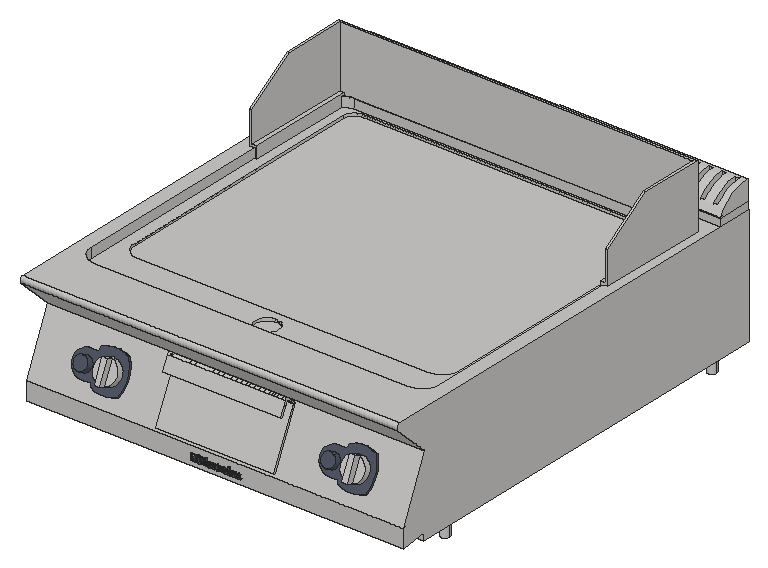
Revit family "QF_ELECTROLUXPROFESSIONAL_391590_E9IINTAOMEI", category Attrezzature speciali, Revit 2018 (continued)
Automatic sketch dimensions
  plane 1 "BACK" to Extrusion 35 sketch curve = 6.761 mm
  Extrusion 35 sketch curve to plane 4 "RIGHT" = 106.689 mm
  Extrusion 35 sketch curve to Extrusion 35 sketch curve = 9.296 mm
  Extrusion 35 sketch curve to plane 11 = 19.089 mm
  plane 1 "BACK" to Extrusion 36 sketch curve = 6.761 mm
  Extrusion 36 sketch curve to plane 4 "RIGHT" = 134.677 mm
  Extrusion 36 sketch curve to Extrusion 36 sketch curve = 9.296 mm
  Extrusion 36 sketch curve to plane 11 = 19.089 mm
  plane 1 "BACK" to Extrusion 37 sketch curve = 6.761 mm
  Extrusion 37 sketch curve to plane 4 "RIGHT" = 162.665 mm
  Extrusion 37 sketch curve to Extrusion 37 sketch curve = 9.296 mm
  Extrusion 37 sketch curve to plane 11 = 19.089 mm
  plane 1 "BACK" to Extrusion 38 sketch curve = 6.761 mm
  Extrusion 38 sketch curve to plane 4 "RIGHT" = 190.654 mm
  Extrusion 38 sketch curve to Extrusion 38 sketch curve = 9.296 mm
  Extrusion 38 sketch curve to plane 11 = 19.089 mm
  plane 1 "BACK" to Extrusion 39 sketch curve = 6.761 mm
  plane 7 "Center Y" to Extrusion 39 sketch curve = 69.43 mm
  Extrusion 39 sketch curve to Extrusion 39 sketch curve = 9.296 mm
  Extrusion 39 sketch curve to plane 11 = 19.089 mm
  plane 1 "BACK" to Extrusion 40 sketch curve = 6.761 mm
  plane 7 "Center Y" to Extrusion 40 sketch curve = 41.441 mm
  Extrusion 40 sketch curve to Extrusion 40 sketch curve = 9.296 mm
  Extrusion 40 sketch curve to plane 11 = 19.089 mm
  plane 1 "BACK" to Extrusion 41 sketch curve = 6.761 mm
  plane 7 "Center Y" to Extrusion 41 sketch curve = 149.263 mm
  Extrusion 41 sketch curve to Extrusion 41 sketch curve = 9.296 mm
  Extrusion 41 sketch curve to plane 11 = 19.089 mm
  plane 1 "BACK" to Extrusion 42 sketch curve = 6.761 mm
  plane 7 "Center Y" to Extrusion 42 sketch curve = 121.275 mm
  Extrusion 42 sketch curve to Extrusion 42 sketch curve = 9.296 mm
  Extrusion 42 sketch curve to plane 11 = 19.089 mm
  plane 1 "BACK" to Extrusion 43 sketch curve = 6.761 mm
  plane 7 "Center Y" to Extrusion 43 sketch curve = 93.311 mm
  Extrusion 43 sketch curve to Extrusion 43 sketch curve = 9.296 mm
  Extrusion 43 sketch curve to plane 11 = 19.089 mm
  plane 1 "BACK" to Extrusion 44 sketch curve = 6.761 mm
  plane 7 "Center Y" to Extrusion 44 sketch curve = 177.251 mm
  Extrusion 44 sketch curve to Extrusion 44 sketch curve = 9.296 mm
  Extrusion 44 sketch curve to plane 11 = 19.089 mm
  Split face 1 sketch curve to Split face 1 sketch curve = 11.575 mm
  Split face 1 sketch curve to Split face 1 sketch curve = 2 mm
  Extrusion 6 sketch curve to Extrusion 6 sketch curve = 0 mm  (x2)
  Extrusion 6 sketch curve to plane 5 "FRONT" = 16.526 mm
  Extrusion 6 sketch curve to Extrusion 6 sketch curve = 2.36 mm
  Extrusion 6 sketch curve to plane 5 "FRONT" = 33.929 mm
  Extrusion 6 sketch curve to Extrusion 6 sketch curve = 2.884 mm  (x2)
  Extrusion 6 sketch curve to Extrusion 6 sketch curve = 12.662 mm
  Extrusion 6 sketch curve to Extrusion 6 sketch curve = 1.711 mm
  Extrusion 6 sketch curve to Extrusion 6 sketch curve = 1.332 mm
  Extrusion 6 sketch curve to Extrusion 6 sketch curve = 2.245 mm
  Extrusion 6 sketch curve to Extrusion 6 sketch curve = 14.843 mm
  Extrusion 6 sketch curve to Extrusion 6 sketch curve = 3.49 mm
  plane 9 "BASE" to Extrusion 6 sketch curve = 52.346 mm
  Extrusion 6 sketch curve to Extrusion 6 sketch curve = 1.086 mm
  Extrusion 6 sketch curve to Extrusion 6 sketch curve = 13.211 mm
  Extrusion 6 sketch curve to Extrusion 6 sketch curve = 1.327 mm
  Extrusion 6 sketch curve to Extrusion 6 sketch curve = 0.787 mm
  Extrusion 5 sketch curve to Extrusion 2 = 5.523 mm
  Extrusion 5 sketch curve to Extrusion 2 = 10.564 mm
  Extrusion 5 sketch curve to Extrusion 2 = 10.583 mm
  Extrusion 5 sketch curve to Extrusion 5 sketch curve = 0 mm  (x28)
  Extrusion 5 sketch curve to Extrusion 5 sketch curve = 5.108 mm  (x2)
  Extrusion 5 sketch curve to Extrusion 2 = 10.685 mm
  Extrusion 5 sketch curve to Extrusion 5 sketch curve = 0.218 mm
  Extrusion 5 sketch curve to Extrusion 5 sketch curve = 0.195 mm
  Extrusion 5 sketch curve to Extrusion 5 sketch curve = 0.249 mm
  Extrusion 5 sketch curve to Extrusion 2 = 10.88 mm
  Extrusion 5 sketch curve to Extrusion 5 sketch curve = 0.087 mm
  Extrusion 5 sketch curve to Extrusion 5 sketch curve = 0.358 mm
  Extrusion 5 sketch curve to Extrusion 5 sketch curve = 0.481 mm
  Extrusion 5 sketch curve to Extrusion 5 sketch curve = 0.597 mm
  Extrusion 5 sketch curve to Extrusion 5 sketch curve = 0.544 mm
  Extrusion 5 sketch curve to Extrusion 5 sketch curve = 0.936 mm
  Extrusion 5 sketch curve to Extrusion 5 sketch curve = 0.594 mm
  Extrusion 5 sketch curve to Extrusion 5 sketch curve = 0.343 mm
  Extrusion 5 sketch curve to Extrusion 5 sketch curve = 0.159 mm
  Extrusion 5 sketch curve to Extrusion 5 sketch curve = 0.826 mm
  Extrusion 5 sketch curve to Extrusion 5 sketch curve = 0.839 mm
  Extrusion 5 sketch curve to Extrusion 5 sketch curve = 0.852 mm
  Extrusion 5 sketch curve to Extrusion 5 sketch curve = 0.887 mm
  Extrusion 5 sketch curve to Extrusion 5 sketch curve = 0.928 mm
  Extrusion 5 sketch curve to Extrusion 5 sketch curve = 0.938 mm
  Extrusion 5 sketch curve to Extrusion 5 sketch curve = 0.444 mm
  Extrusion 5 sketch curve to Extrusion 5 sketch curve = 1.11 mm  (x3)
  Extrusion 5 sketch curve to Extrusion 5 sketch curve = 0.215 mm
  Extrusion 5 sketch curve to Extrusion 5 sketch curve = 1.43 mm
  Extrusion 5 sketch curve to Extrusion 5 sketch curve = 1.188 mm
  Extrusion 5 sketch curve to Extrusion 5 sketch curve = 1.21 mm  (x2)
  Extrusion 5 sketch curve to Extrusion 5 sketch curve = 0.503 mm
  Extrusion 5 sketch curve to Extrusion 5 sketch curve = 0.488 mm
  Extrusion 5 sketch curve to Extrusion 5 sketch curve = 0.462 mm
  Extrusion 5 sketch curve to Extrusion 5 sketch curve = 1.386 mm
  Extrusion 5 sketch curve to Extrusion 5 sketch curve = 1.742 mm  (x2)
  Extrusion 5 sketch curve to Extrusion 5 sketch curve = 0.821 mm
  Extrusion 5 sketch curve to Extrusion 5 sketch curve = 0.497 mm
  Extrusion 5 sketch curve to Extrusion 5 sketch curve = 0.539 mm
  Extrusion 5 sketch curve to Extrusion 5 sketch curve = 0.686 mm
  Extrusion 5 sketch curve to Extrusion 5 sketch curve = 0.408 mm
  Extrusion 5 sketch curve to Extrusion 5 sketch curve = 0.743 mm
  Extrusion 5 sketch curve to Extrusion 5 sketch curve = 1.16 mm
  Extrusion 5 sketch curve to Extrusion 5 sketch curve = 0.329 mm
  Extrusion 5 sketch curve to Extrusion 5 sketch curve = 1.054 mm
  Extrusion 5 sketch curve to Extrusion 5 sketch curve = 1.056 mm
  Extrusion 5 sketch curve to Extrusion 5 sketch curve = 0.129 mm
  Extrusion 5 sketch curve to Extrusion 5 sketch curve = 0.489 mm
  Extrusion 5 sketch curve to Extrusion 5 sketch curve = 0.441 mm
  Extrusion 5 sketch curve to Extrusion 5 sketch curve = 1.151 mm
  Extrusion 5 sketch curve to Extrusion 5 sketch curve = 1.141 mm  (x2)
  Extrusion 5 sketch curve to Extrusion 5 sketch curve = 0.768 mm
  Extrusion 5 sketch curve to Extrusion 5 sketch curve = 1.653 mm
  Extrusion 5 sketch curve to Extrusion 5 sketch curve = 0.499 mm
  Extrusion 5 sketch curve to Extrusion 5 sketch curve = 0.964 mm
  Extrusion 5 sketch curve to Extrusion 5 sketch curve = 0.949 mm
  Extrusion 5 sketch curve to Extrusion 5 sketch curve = 1.345 mm  (x3)
  Extrusion 5 sketch curve to Extrusion 5 sketch curve = 1.101 mm
  Extrusion 5 sketch curve to Extrusion 5 sketch curve = 0.432 mm
  Extrusion 5 sketch curve to Extrusion 5 sketch curve = 1.142 mm
  Extrusion 5 sketch curve to Extrusion 5 sketch curve = 0.959 mm
  Extrusion 5 sketch curve to Extrusion 5 sketch curve = 0.176 mm
  Extrusion 5 sketch curve to Extrusion 5 sketch curve = 0.728 mm
  Extrusion 5 sketch curve to Extrusion 5 sketch curve = 3.375 mm  (x2)
  Extrusion 5 sketch curve to Extrusion 5 sketch curve = 1.905 mm
  Extrusion 5 sketch curve to Extrusion 5 sketch curve = 0.955 mm
  Extrusion 5 sketch curve to Extrusion 5 sketch curve = 1.251 mm
  Extrusion 5 sketch curve to Extrusion 5 sketch curve = 0.572 mm
  Extrusion 5 sketch curve to Extrusion 5 sketch curve = 1.92 mm
  Extrusion 5 sketch curve to Extrusion 5 sketch curve = 1.224 mm
  Extrusion 5 sketch curve to Extrusion 5 sketch curve = 0.745 mm
  Extrusion 5 sketch curve to Extrusion 5 sketch curve = 2.537 mm
  Extrusion 5 sketch curve to Extrusion 5 sketch curve = 0.896 mm  (x3)
  Extrusion 5 sketch curve to Extrusion 5 sketch curve = 0.036 mm
  Extrusion 5 sketch curve to Extrusion 5 sketch curve = 2.607 mm
  Extrusion 5 sketch curve to Extrusion 5 sketch curve = 0.066 mm
  Extrusion 5 sketch curve to Extrusion 5 sketch curve = 0.248 mm
  Extrusion 5 sketch curve to Extrusion 5 sketch curve = 0.449 mm
  Extrusion 5 sketch curve to Extrusion 5 sketch curve = 1.052 mm
  Extrusion 5 sketch curve to Extrusion 5 sketch curve = 1.863 mm
  Extrusion 5 sketch curve to Extrusion 5 sketch curve = 1.31 mm  (x2)
  Extrusion 5 sketch curve to Extrusion 5 sketch curve = 0.901 mm
  Extrusion 5 sketch curve to Extrusion 5 sketch curve = 1.107 mm
  Extrusion 5 sketch curve to Extrusion 5 sketch curve = 2.122 mm
  Extrusion 5 sketch curve to Extrusion 5 sketch curve = 2.101 mm
  Extrusion 5 sketch curve to Extrusion 5 sketch curve = 0.106 mm
  Extrusion 5 sketch curve to Extrusion 5 sketch curve = 0.029 mm
  Extrusion 5 sketch curve to Extrusion 5 sketch curve = 2.09 mm
  Extrusion 5 sketch curve to Extrusion 5 sketch curve = 1.279 mm
  Extrusion 5 sketch curve to Extrusion 5 sketch curve = 2.008 mm
  Extrusion 5 sketch curve to Extrusion 5 sketch curve = 0.738 mm
  Extrusion 5 sketch curve to Extrusion 5 sketch curve = 0.382 mm
  Extrusion 5 sketch curve to Extrusion 5 sketch curve = 0.384 mm
  Extrusion 5 sketch curve to Extrusion 5 sketch curve = 0.002 mm
  Extrusion 5 sketch curve to Extrusion 5 sketch curve = 0.561 mm
  Extrusion 5 sketch curve to Extrusion 5 sketch curve = 0.592 mm
  Extrusion 5 sketch curve to Extrusion 5 sketch curve = 2.692 mm
  Extrusion 5 sketch curve to Extrusion 5 sketch curve = 1.259 mm
  Extrusion 5 sketch curve to Extrusion 5 sketch curve = 0.802 mm
  Extrusion 5 sketch curve to Extrusion 5 sketch curve = 1.024 mm  (x2)
  Extrusion 5 sketch curve to Extrusion 5 sketch curve = 0.682 mm
  Extrusion 5 sketch curve to Extrusion 5 sketch curve = 5.934 mm
  Extrusion 5 sketch curve to Extrusion 5 sketch curve = 2.186 mm
  Extrusion 5 sketch curve to Extrusion 5 sketch curve = 0.337 mm
  Extrusion 5 sketch curve to Extrusion 5 sketch curve = 0.021 mm
  Extrusion 5 sketch curve to Extrusion 5 sketch curve = 1.005 mm
  Extrusion 5 sketch curve to Extrusion 5 sketch curve = 0.552 mm
  Extrusion 5 sketch curve to Extrusion 5 sketch curve = 0.778 mm
  Extrusion 5 sketch curve to Extrusion 5 sketch curve = 0.063 mm
  Extrusion 5 sketch curve to Extrusion 5 sketch curve = 1.023 mm
  Extrusion 5 sketch curve to Extrusion 5 sketch curve = 3.804 mm
  Extrusion 5 sketch curve to Extrusion 5 sketch curve = 0.486 mm
  Extrusion 5 sketch curve to Extrusion 5 sketch curve = 0.266 mm
  Extrusion 5 sketch curve to Extrusion 5 sketch curve = 1.547 mm
  Extrusion 5 sketch curve to Extrusion 5 sketch curve = 0.717 mm  (x2)
  Extrusion 5 sketch curve to Extrusion 5 sketch curve = 1.667 mm
  Extrusion 5 sketch curve to Extrusion 5 sketch curve = 3.174 mm
  Extrusion 5 sketch curve to Extrusion 5 sketch curve = 0.388 mm
  Extrusion 5 sketch curve to Extrusion 5 sketch curve = 1.342 mm
  Extrusion 5 sketch curve to Extrusion 5 sketch curve = 1.521 mm
  Extrusion 5 sketch curve to Extrusion 5 sketch curve = 0.124 mm
  Extrusion 5 sketch curve to Extrusion 5 sketch curve = 0.291 mm
  Extrusion 5 sketch curve to Extrusion 5 sketch curve = 1.049 mm  (x2)
  Extrusion 5 sketch curve to Extrusion 5 sketch curve = 1.7 mm
  Extrusion 5 sketch curve to Extrusion 5 sketch curve = 0.894 mm
  Extrusion 5 sketch curve to Extrusion 5 sketch curve = 0.989 mm
  Extrusion 5 sketch curve to Extrusion 5 sketch curve = 1.168 mm
  Extrusion 5 sketch curve to Extrusion 5 sketch curve = 1.594 mm
  Extrusion 5 sketch curve to Extrusion 5 sketch curve = 0.731 mm
  Extrusion 5 sketch curve to Extrusion 5 sketch curve = 1.566 mm
  Extrusion 5 sketch curve to Extrusion 5 sketch curve = 0.064 mm
  Extrusion 5 sketch curve to Extrusion 5 sketch curve = 0.556 mm  (x2)
  Extrusion 5 sketch curve to Extrusion 5 sketch curve = 0.48 mm
  Extrusion 5 sketch curve to Extrusion 5 sketch curve = 1.018 mm
  Extrusion 5 sketch curve to Extrusion 5 sketch curve = 0.787 mm
  Extrusion 5 sketch curve to Extrusion 5 sketch curve = 0.618 mm
  Extrusion 5 sketch curve to Extrusion 5 sketch curve = 1.672 mm
  Extrusion 5 sketch curve to Extrusion 5 sketch curve = 1.361 mm
  Extrusion 5 sketch curve to Extrusion 5 sketch curve = 0.822 mm
  Extrusion 5 sketch curve to Extrusion 5 sketch curve = 0.069 mm
  Extrusion 5 sketch curve to Extrusion 5 sketch curve = 1.88 mm
  Extrusion 5 sketch curve to Extrusion 5 sketch curve = 0.42 mm
  Extrusion 5 sketch curve to Extrusion 5 sketch curve = 0.062 mm
  Extrusion 5 sketch curve to Extrusion 5 sketch curve = 1.355 mm
  Extrusion 5 sketch curve to Extrusion 5 sketch curve = 2.34 mm
  Extrusion 5 sketch curve to Extrusion 5 sketch curve = 0.493 mm
  Extrusion 5 sketch curve to Extrusion 5 sketch curve = 0.136 mm
  Extrusion 5 sketch curve to Extrusion 5 sketch curve = 0.128 mm
  Extrusion 5 sketch curve to Extrusion 5 sketch curve = 3.616 mm
  Extrusion 5 sketch curve to Extrusion 5 sketch curve = 4.207 mm
  Extrusion 5 sketch curve to Extrusion 5 sketch curve = 0.183 mm
  Extrusion 5 sketch curve to Extrusion 5 sketch curve = 0.895 mm
  Extrusion 5 sketch curve to Extrusion 5 sketch curve = 1.314 mm
  Extrusion 5 sketch curve to Extrusion 5 sketch curve = 3.231 mm
  Extrusion 5 sketch curve to Extrusion 5 sketch curve = 1.299 mm
  Extrusion 5 sketch curve to Extrusion 5 sketch curve = 1.214 mm
  Extrusion 5 sketch curve to Extrusion 5 sketch curve = 1.264 mm
  Extrusion 5 sketch curve to Extrusion 5 sketch curve = 0.109 mm
  Extrusion 5 sketch curve to Extrusion 5 sketch curve = 0.357 mm
  Extrusion 5 sketch curve to Extrusion 5 sketch curve = 0.565 mm
  Extrusion 5 sketch curve to Extrusion 5 sketch curve = 2.504 mm
  Extrusion 5 sketch curve to Extrusion 5 sketch curve = 2.459 mm
  Extrusion 2 to Extrusion 5 sketch curve = 344.257 mm
  Extrusion 5 sketch curve to Extrusion 5 sketch curve = 0.208 mm
  Extrusion 5 sketch curve to Extrusion 5 sketch curve = 0.468 mm  (x2)
  Extrusion 5 sketch curve to Extrusion 5 sketch curve = 1.559 mm
  Extrusion 5 sketch curve to Extrusion 5 sketch curve = 0.422 mm  (x2)
  Extrusion 5 sketch curve to Extrusion 5 sketch curve = 0.494 mm
  Extrusion 5 sketch curve to Extrusion 5 sketch curve = 3.927 mm
  Extrusion 5 sketch curve to Extrusion 5 sketch curve = 0.782 mm
  Extrusion 5 sketch curve to Extrusion 5 sketch curve = 1.268 mm
  Extrusion 5 sketch curve to Extrusion 5 sketch curve = 0.671 mm
  Extrusion 5 sketch curve to Extrusion 5 sketch curve = 0.777 mm
  Extrusion 5 sketch curve to Extrusion 5 sketch curve = 0.704 mm
  Extrusion 5 sketch curve to Extrusion 5 sketch curve = 0.781 mm  (x2)
  Extrusion 5 sketch curve to Extrusion 5 sketch curve = 1.634 mm
  Extrusion 5 sketch curve to Extrusion 5 sketch curve = 0.132 mm
  Extrusion 5 sketch curve to Extrusion 5 sketch curve = 3.136 mm
  Extrusion 5 sketch curve to Extrusion 5 sketch curve = 2.422 mm
  Extrusion 5 sketch curve to Extrusion 5 sketch curve = 0.586 mm
  Extrusion 5 sketch curve to Extrusion 5 sketch curve = 2.046 mm  (x2)
  Extrusion 5 sketch curve to Extrusion 5 sketch curve = 1.241 mm
  Extrusion 5 sketch curve to Extrusion 5 sketch curve = 1.689 mm
  Extrusion 5 sketch curve to Extrusion 5 sketch curve = 2.859 mm
  Extrusion 5 sketch curve to Extrusion 5 sketch curve = 0.627 mm
  Extrusion 5 sketch curve to Extrusion 5 sketch curve = 0.863 mm
  Extrusion 5 sketch curve to Extrusion 5 sketch curve = 0.419 mm
  Extrusion 5 sketch curve to Extrusion 5 sketch curve = 1.514 mm
  Extrusion 5 sketch curve to Extrusion 5 sketch curve = 1.019 mm
  Extrusion 5 sketch curve to Extrusion 5 sketch curve = 0.065 mm
  Extrusion 5 sketch curve to Extrusion 5 sketch curve = 1.215 mm
  Extrusion 5 sketch curve to Extrusion 5 sketch curve = 2.708 mm
  Extrusion 5 sketch curve to Extrusion 5 sketch curve = 1.122 mm
  Extrusion 5 sketch curve to Extrusion 5 sketch curve = 1.153 mm
  Extrusion 5 sketch curve to Extrusion 5 sketch curve = 3.009 mm
  Extrusion 5 sketch curve to Extrusion 5 sketch curve = 0.829 mm  (x2)
  Extrusion 5 sketch curve to Extrusion 5 sketch curve = 0.934 mm
  Extrusion 5 sketch curve to Extrusion 5 sketch curve = 3.376 mm
  Extrusion 5 sketch curve to Extrusion 5 sketch curve = 0.222 mm
  Extrusion 5 sketch curve to Extrusion 5 sketch curve = 1.383 mm
  Extrusion 5 sketch curve to Extrusion 5 sketch curve = 1.556 mm
  Extrusion 5 sketch curve to Extrusion 5 sketch curve = 2.559 mm
  Extrusion 5 sketch curve to Extrusion 5 sketch curve = 2.51 mm
  Extrusion 5 sketch curve to Extrusion 5 sketch curve = 0.131 mm
  Extrusion 5 sketch curve to Extrusion 5 sketch curve = 1.717 mm
  Extrusion 5 sketch curve to Extrusion 5 sketch curve = 1.134 mm
  Extrusion 5 sketch curve to Extrusion 5 sketch curve = 0.366 mm
  Extrusion 5 sketch curve to Extrusion 5 sketch curve = 0.094 mm
  Extrusion 5 sketch curve to Extrusion 5 sketch curve = 1.584 mm
  Extrusion 5 sketch curve to Extrusion 5 sketch curve = 1.501 mm
  Extrusion 5 sketch curve to Extrusion 5 sketch curve = 0.27 mm
  Extrusion 5 sketch curve to Extrusion 5 sketch curve = 1.808 mm
  Extrusion 5 sketch curve to Extrusion 5 sketch curve = 0.643 mm
  Extrusion 5 sketch curve to Extrusion 5 sketch curve = 0.916 mm
  Extrusion 5 sketch curve to Extrusion 5 sketch curve = 0.352 mm
  Extrusion 5 sketch curve to Extrusion 5 sketch curve = 0.458 mm
  Extrusion 5 sketch curve to Extrusion 5 sketch curve = 1.282 mm
  Extrusion 5 sketch curve to Extrusion 5 sketch curve = 1.363 mm
  Extrusion 5 sketch curve to Extrusion 5 sketch curve = 0.685 mm
  Extrusion 5 sketch curve to Extrusion 5 sketch curve = 0.905 mm
  Extrusion 5 sketch curve to Extrusion 5 sketch curve = 2.865 mm
  Extrusion 5 sketch curve to Extrusion 5 sketch curve = 0.472 mm
  Extrusion 5 sketch curve to Extrusion 5 sketch curve = 0.101 mm
  Extrusion 5 sketch curve to Extrusion 5 sketch curve = 0.54 mm
  Extrusion 5 sketch curve to Extrusion 5 sketch curve = 0.02 mm
  Extrusion 5 sketch curve to Extrusion 5 sketch curve = 0.582 mm
  Extrusion 5 sketch curve to Extrusion 5 sketch curve = 0.166 mm
  Extrusion 5 sketch curve to Extrusion 5 sketch curve = 0.16 mm
  Extrusion 5 sketch curve to Extrusion 5 sketch curve = 2.781 mm
  Extrusion 5 sketch curve to Extrusion 5 sketch curve = 1.118 mm
  Extrusion 5 sketch curve to Extrusion 5 sketch curve = 0.613 mm
  Extrusion 5 sketch curve to Extrusion 5 sketch curve = 0.361 mm
  Extrusion 5 sketch curve to Extrusion 5 sketch curve = 0.897 mm
  Extrusion 5 sketch curve to Extrusion 5 sketch curve = 0.167 mm
  Extrusion 5 sketch curve to Extrusion 5 sketch curve = 0.292 mm
  Extrusion 5 sketch curve to Extrusion 5 sketch curve = 0.305 mm
  Extrusion 5 sketch curve to Extrusion 5 sketch curve = 1.557 mm
  Extrusion 5 sketch curve to Extrusion 5 sketch curve = 2.499 mm
  Extrusion 5 sketch curve to Extrusion 5 sketch curve = 3.062 mm
  Extrusion 5 sketch curve to Extrusion 5 sketch curve = 2.968 mm
  Extrusion 5 sketch curve to Extrusion 5 sketch curve = 5.044 mm
  Extrusion 5 sketch curve to Extrusion 5 sketch curve = 0.629 mm  (x2)
  Extrusion 5 sketch curve to Extrusion 5 sketch curve = 1.131 mm
  Extrusion 5 sketch curve to Extrusion 5 sketch curve = 0.137 mm
  Extrusion 5 sketch curve to Extrusion 5 sketch curve = 0.027 mm
  Extrusion 5 sketch curve to Extrusion 5 sketch curve = 2.235 mm
  Extrusion 6 sketch curve to Extrusion 6 sketch curve = 1 mm
  Extrusion 26 sketch curve to plane 6 "TOP" = 0 mm
  Extrusion 26 sketch curve to plane 16 = 0 mm
  Extrusion 26 sketch curve to plane 16 = 100.091 mm
  Extrusion 27 sketch curve to plane 6 "TOP" = 0 mm
  Extrusion 27 sketch curve to plane 16 = 0 mm
  Extrusion 27 sketch curve to plane 6 "TOP" = 65 mm
  Extrusion 27 sketch curve to plane 16 = 100.091 mm
  Extrusion 28 sketch curve to plane 6 "TOP" = 0 mm
  Extrusion 28 sketch curve to plane 14 = 0 mm
  Extrusion 28 sketch curve to plane 4 "RIGHT" = 20 mm
  plane 3 "LEFT" to Extrusion 28 sketch curve = 20 mm
  Extrusion 49 sketch curve to Extrusion 2 = 0 mm  (x2)
  Extrusion 2 to Extrusion 49 sketch curve = 5 mm  (x2)
  Extrusion 2 to Extrusion 49 sketch curve = 20 mm  (x2)
  Extrusion 49 sketch curve to Extrusion 49 sketch curve = 130 mm  (x2)
  Extrusion 49 sketch curve to Extrusion 2 = 19.6 mm  (x2)
  Extrusion 49 sketch curve to Extrusion 49 sketch curve = 5 mm  (x5)
  Extrusion 49 sketch curve to Extrusion 49 sketch curve = 15 mm
  Extrusion 45 sketch curve to Extrusion 45 sketch curve = 0 mm  (x10)
  Extrusion 45 sketch curve to plane 4 "RIGHT" = 157.362 mm
  plane 3 "LEFT" to Extrusion 45 sketch curve = 117.638 mm
  Extrusion 45 sketch curve to Extrusion 45 sketch curve = 55.325 mm  (x3)
  Extrusion 45 sketch curve to Extrusion 45 sketch curve = 6.176 mm  (x2)
  Extrusion 45 sketch curve to Extrusion 45 sketch curve = 0.9 mm  (x2)
  Extrusion 45 sketch curve to Extrusion 45 sketch curve = 12.3 mm  (x4)
  Extrusion 45 sketch curve to Extrusion 45 sketch curve = 26.552 mm  (x2)
  Extrusion 45 sketch curve to Extrusion 45 sketch curve = 34.925 mm  (x2)
  Extrusion 45 sketch curve to Extrusion 45 sketch curve = 1.296 mm  (x2)
  Extrusion 45 sketch curve to Extrusion 45 sketch curve = 23.703 mm  (x2)
  Extrusion 45 sketch curve to Extrusion 45 sketch curve = 27.065 mm  (x2)
  Extrusion 45 sketch curve to Extrusion 45 sketch curve = 0.893 mm  (x2)
  Extrusion 45 sketch curve to Extrusion 45 sketch curve = 8.853 mm  (x2)
  Extrusion 45 sketch curve to Extrusion 45 sketch curve = 9.34 mm  (x2)
  Extrusion 45 sketch curve to Extrusion 45 sketch curve = 5.546 mm
  Extrusion 45 sketch curve to Extrusion 45 sketch curve = 1.434 mm
  Extrusion 45 sketch curve to Extrusion 45 sketch curve = 2.327 mm
  Extrusion 45 sketch curve to Extrusion 45 sketch curve = 29.032 mm
  Extrusion 45 sketch curve to Extrusion 45 sketch curve = 93.311 mm
  Extrusion 45 sketch curve to Extrusion 45 sketch curve = 25.114 mm
  Extrusion 45 sketch curve to Extrusion 45 sketch curve = 25.727 mm
  Extrusion 45 sketch curve to Extrusion 45 sketch curve = 28.496 mm
  Extrusion 48 sketch curve to Extrusion 48 sketch curve = 0 mm
  Extrusion 48 sketch curve to Extrusion 48 sketch curve = 525 mm
  Extrusion 46 sketch curve to Extrusion 46 sketch curve = 0 mm
  Extrusion 46 sketch curve to Extrusion 46 sketch curve = 525 mm
  Extrusion 47 sketch curve to Extrusion 47 sketch curve = 24.732 mm  (x2)
  Extrusion 47 sketch curve to Extrusion 47 sketch curve = 0 mm  (x2)
  Split face 2 sketch curve to Split face 2 sketch curve = 11.575 mm
  Split face 2 sketch curve to Split face 2 sketch curve = 2 mm
  plane 10 to Extrusion 4 sketch curve = 0 mm  (x2)
  plane 11 to Extrusion 4 sketch curve = 0 mm
  plane 3 "LEFT" to Extrusion 4 sketch curve = 11.112 mm  (x2)
  Extrusion 4 sketch curve to plane 4 "RIGHT" = 11.113 mm  (x2)
  Extrusion 29 sketch curve to Extrusion 29 sketch curve = 15 mm
  Extrusion 25 sketch curve to Extrusion 3 = 5.362 mm
  Extrusion 25 sketch curve to Extrusion 3 = 30.762 mm  (x2)
  Extrusion 25 sketch curve to Extrusion 3 = 25 mm  (x2)
  Extrusion 25 sketch curve to Extrusion 3 = 122.523 mm  (x2)
  Extrusion 25 sketch curve to Extrusion 25 sketch curve = 37.523 mm
  Extrusion 25 sketch curve to Extrusion 3 = 43.885 mm
  Extrusion 25 sketch curve to Extrusion 25 sketch curve = 307.477 mm
  curve 149 to curve 150 = 0 mm  (x2)
  curve 150 to plane 7 "Center Y" = 0 mm
  curve 149 to plane 10 = 40 mm
  curve 150 to plane 10 = 15 mm
  radius of Extrusion 8 sketch curve = 6.4 mm
  radius of Extrusion 48 sketch curve = 15 mm  (x2)
  radius of Extrusion 46 sketch curve = 25.4 mm  (x2)
  radius of Extrusion 47 sketch curve to Extrusion 46 = 0 mm  (x4)
  radius of Extrusion 4 sketch curve = 9.525 mm  (x4)
  radius of Extrusion 25 sketch curve = 25 mm
Connectors
  piping at (748, -664, 6), diameter 12.8
    settings: on Extrusion 8, index 2, connector inside diameter 0.50394", connector length 0 mm, flow factor 0, pipe flow 0 GPM, pressure drop 0.00 psi, fitting loss kfactor 0, connector angle 0.00°, fixture units 0, engagement length 0 mm, angle of deflection 0.00°, flow configuration 1, flow direction 1, fitting loss method 0, system type 7, joint type 0, gender type 0, connector reference index -1, connector utility 0, adjustable connector no, is connector primary yes, connector description "GAS CONNECTION"
Types (2, lengths in mm): name | URL | Modello | Produttore | Gas Size | Descrizione
  (no name) | "www.electrolux.com/foodservice" | "391050" | "ELECTROLUX" | 0" | "900XP FULL MODULE GAS FRY TOP, SMOOTH HORIZONTAL PLATE, MILD STEEL"
  Standard | "https://www.electroluxprofessional.com/" | "E9IINTAOMEI" | "Electrolux Professional" | 1/2" | "GAS FRY TOP SMOOTH HORIZONTAL 800MM-BRUSHED CHROME - QMARK"
